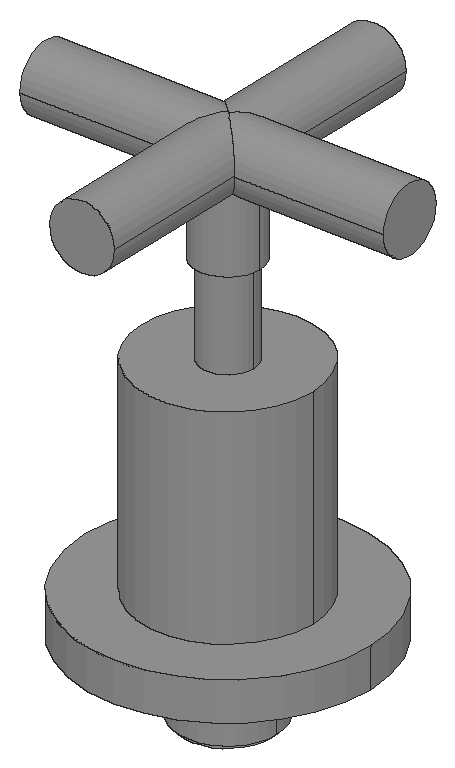
Revit family "Alma-BCROSHGM-Cora Cross Tap Handle-Gunmetal", category Plumbing Fixtures, host Face, Revit 2022
Family settings
  Host = Face
  Round Connector Dimension = Use Diameter
  Part Type = Normal
  Cut with Voids When Loaded = No
  Maintain Annotation Orientation = No
  Shared = No
  Room Calculation Point = No
Parameters (values of type "Cora Gunmetal")
  URL = "https://www.buildmat.com.au/products/cora-brushed-gunmetal-cross-tap-handles"
  Model = "BCROSHGM"  # constant formula
  Material = Alma Gunmetal
  Manufacturer = "BUILDMAT"  # constant formula
  Description = "Cora Cross Tap Handle"  # constant formula
  Default Elevation = 1219.2 mm
  Created = "22.12.2023"  # constant formula
  Cost = 0
  Brand = "Alma"  # constant formula
Reference planes
  plane 1 "Center (Elevation)": y = 0
  plane 2 "Back": z = 0
  plane 3 "Centro (Izquierda/Derecha)": x = 0
  plane 4 "Left": x = -27.5
  plane 5 "Right": x = 27.5
  plane 6 "Top": y = 27.5
  plane 7 "Bottom": y = -27.5
  plane 8: x = -35
  plane 9: x = 35
  plane 10: y = 35
  plane 11: y = -35
  plane 12 "Front": z = 90
  plane 13: z = 7.5
  plane 14: z = 47.5
  plane 15: z = 83.75
  plane 16: z = 65
  plane 17: z = -5.5
  plane 18: z = -14
  plane 19: z = -15
Forms (mm)
  Extrusion 1, solid, material "Alma Gunmetal" <- "Material"
    sketch origin (0, 0, 0) x (0, 1, 0) y (0, 0, 1)
      loop
        circle (0, 83.75) r 6.25
    from -35 to 35
  Extrusion 2, solid, material "Alma Gunmetal" <- "Material"
    sketch origin (0, 0, 0) x (1, 0, 0) y (0, 0, 1)
      loop
        circle (0, 83.75) r 6.25
    from -35 to 35
  Extrusion 3, solid, material "Alma Gunmetal" <- "Material"
    sketch origin (0, 0, 90) x (1, 0, 0) y (0, 1, 0)
      loop
        circle (0, 0) r 6.25
    from -6.25 to -25
  Extrusion 4, solid, material "Alma Gunmetal" <- "Material"
    sketch origin (0, 0, 90) x (1, 0, 0) y (0, 1, 0)
      loop
        circle (-0.015, -0.013) r 5
    from -25 to -42.5
  Extrusion 5, solid, material "Alma Gunmetal" <- "Material"
    sketch origin (0, 0, 0) x (1, 0, 0) y (0, 1, 0)
      loop
        circle (-0.015, -0.013) r 16.5
    from 7.5 to 47.5
  Extrusion 6, solid, material "Alma Gunmetal" <- "Material"
    sketch origin (0, 0, 0) x (1, 0, 0) y (0, 1, 0)
      loop
        circle (-0.013, 0.015) r 27.487
    from 0 to 7.5
  Extrusion 7, solid, material "Alma Gunmetal" <- "Material"
    sketch origin (0, 0, 0) x (1, 0, 0) y (0, 1, 0)
      loop
        circle (-0.015, -0.013) r 8.5
    from 0 to -15
  Extrusion 8, solid, material "Alma Gunmetal" <- "Material"
    sketch origin (0, 0, 0) x (1, 0, 0) y (0, 1, 0)
      loop
        circle (0.013, -0.015) r 9.5
    from -5.5 to -14
  Extrusion 9, void
    sketch origin (0, 0, 0) x (1, 0, 0) y (0, 1, 0)
      loop
        circle (0.013, -0.015) r 10
    from 0 to -20
Cuts and joins
  Extrusion 9 cuts Extrusion 3
  joined: Extrusion 1, Extrusion 2, Extrusion 3, Extrusion 4, Extrusion 5, Extrusion 6, Extrusion 7, Extrusion 8
Text (mm)
  text "Refer to www.buildmat.com.au for the most current product literature. \nAllow a +/- 5mm tolerance for dimensions shown in the product literature. \nPlease note product details are subject to change due to ongoing product development." at (0.056, -1035.857, 0), in view "Nivel de referencia"
Dimensions and locks
  equal spacing: plane 6 "Top", plane 1 "Center (Elevation)", plane 7 "Bottom"
  plane 6 "Top" to plane 7 "Bottom" = 55 mm
  equal spacing: plane 4 "Left", plane 3 "Centro (Izquierda/Derecha)", plane 5 "Right"
  plane 4 "Left" to plane 5 "Right" = 55 mm
  plane 8 to plane 9 = 70 mm
  equal spacing: plane 8, plane 3 "Centro (Izquierda/Derecha)", plane 9
  equal spacing: plane 10, plane 1 "Center (Elevation)", plane 11
  plane 10 to plane 11 = 70 mm
  plane 2 "Back" to plane 12 "Front" = 90 mm
  plane 2 "Back" to plane 13 = 7.5 mm
  plane 2 "Back" to plane 14 = 47.5 mm
  plane 15 to plane 12 "Front" = 6.25 mm
  plane 16 to plane 12 "Front" = 25 mm
  plane 19 to plane 2 "Back" = 15 mm
  plane 2 "Back" to plane 17 to plane 18 = 5.5 mm, 8.5 mm
  aligned and locked: plane 2 "Back" to host face
  aligned and locked: level to host face
  aligned and locked: Extrusion 1 to plane 8
  aligned and locked: plane 9 to Extrusion 1
  aligned and locked: plane 10 to Extrusion 2
  aligned and locked: Extrusion 2 to plane 11
  aligned and locked: plane 16 to Extrusion 3
  aligned and locked: Extrusion 3 to plane 15
  aligned and locked: plane 16 to Extrusion 4
  aligned and locked: plane 14 to Extrusion 4
  aligned and locked: plane 13 to Extrusion 5
  aligned and locked: Extrusion 5 to plane 14
  aligned and locked: Extrusion 6 to plane 2 "Back"
  aligned and locked: Extrusion 6 to plane 13
  aligned and locked: plane 19 to Extrusion 7
  aligned and locked: plane 2 "Back" to Extrusion 7
  aligned and locked: plane 18 to Extrusion 8
  aligned and locked: Extrusion 8 to plane 17
  aligned and locked: plane 2 "Back" to Extrusion 9
Automatic sketch dimensions
  host sketch curve to host sketch curve = 2438.4 mm  (x2)
  Extrusion 1 sketch curve to plane 1 "Center (Elevation)" = 0 mm
  plane 12 "Front" to Extrusion 1 sketch curve = 6.25 mm
  Extrusion 2 sketch curve to plane 3 "Centro (Izquierda/Derecha)" = 0 mm
  plane 12 "Front" to Extrusion 2 sketch curve = 6.25 mm
  plane 1 "Center (Elevation)" to Extrusion 3 sketch curve = 0 mm
  Extrusion 3 sketch curve to plane 3 "Centro (Izquierda/Derecha)" = 0 mm
  Extrusion 4 sketch curve to plane 3 "Centro (Izquierda/Derecha)" = 0.015 mm
  plane 1 "Center (Elevation)" to Extrusion 4 sketch curve = 0.013 mm
  Extrusion 5 sketch curve to plane 3 "Centro (Izquierda/Derecha)" = 0.015 mm
  plane 1 "Center (Elevation)" to Extrusion 5 sketch curve = 0.013 mm
  Extrusion 6 sketch curve to plane 3 "Centro (Izquierda/Derecha)" = 0.013 mm
  Extrusion 6 sketch curve to plane 1 "Center (Elevation)" = 0.015 mm
  Extrusion 7 sketch curve to plane 3 "Centro (Izquierda/Derecha)" = 0.015 mm
  plane 1 "Center (Elevation)" to Extrusion 7 sketch curve = 0.013 mm
  plane 3 "Centro (Izquierda/Derecha)" to Extrusion 8 sketch curve = 0.013 mm
  plane 1 "Center (Elevation)" to Extrusion 8 sketch curve = 0.015 mm
  plane 3 "Centro (Izquierda/Derecha)" to Extrusion 9 sketch curve = 0.013 mm
  plane 1 "Center (Elevation)" to Extrusion 9 sketch curve = 0.015 mm
  radius of Extrusion 1 sketch curve = 6.25 mm
  radius of Extrusion 2 sketch curve = 6.25 mm
  radius of Extrusion 3 sketch curve = 6.25 mm
  radius of Extrusion 4 sketch curve = 5 mm
  radius of Extrusion 5 sketch curve = 16.5 mm
  radius of Extrusion 6 sketch curve = 27.487 mm
  radius of Extrusion 7 sketch curve = 8.5 mm
  radius of Extrusion 8 sketch curve = 9.5 mm
  radius of Extrusion 9 sketch curve = 10 mm
